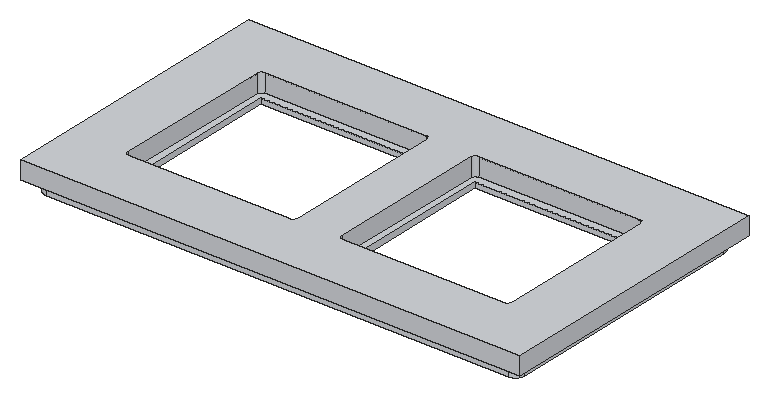
Revit family "Gira_0212221", category Electrical Fixtures, host Face, Revit 2017
Family settings
  Host = Face
  Maintain Annotation Orientation = No
  Round Connector Dimension = Use Diameter
  Part Type = Normal
  Cut with Voids When Loaded = No
  Shared = No
  Room Calculation Point = No
Parameters (values of type "Cov.fr. 2-g Gira Esprit Lin.pwd.lt.brown")
  With mounting grid = "No"
  With hinged lid = "No"
  URL = "http://katalog.gira.de/en/datenblatt.html?artikelnr=0212221"
  Type of fastening = "Clamp mounting"
  Transparent = "No"
  Surface protection = "Other"
  Suitable for wall duct = "No"
  Suitable for flush-mounted installation = "Yes"
  Suitable for floor box = "No"
  Suitable for built-in installation = "No"
  Number of units vertical = "2"
  Number of units horizontal = "2"
  Number of units = "2"
  Name = "Cov.fr. 2-g Gira Esprit Lin.pwd.lt.brown"
  Mounting direction = "Horizontal and vertical"
  Material quality = "Other"
  Material = "Other"
  Manufacturer URL = "https://www.gira.de/"
  Manufacturer = "Gira"
  Label space/information surface = "No"
  Keynote = ""
  HeinzeBIM = "https://bimportal.heinze.de/bim/cov-fr-2-g-gira-esprit-lin-pwd-lt-brown/79f60e3d2a48ab2cabde21d28d0f45736a8af3a3"
  Halogen free = "No"
  HAN = "0212221"
  GTIN = "4010337016014"
  Description = "Cov.fr.2g Espr. LPwLb,Gira Esprit cover frame,linoleum-plywood light brown,2-gang,Notes :,- Natural product. Colour deviations are possible.,- NCS value: approx. NCS S 6010-Y30R"
  Degree of protection (IP) = "IP20"
  Default Elevation = 1219.2 mm
  Data sheet (1) = "https://katalog.gira.de/en/download.html?artikelnr=0212221"
  Colour = "Other"
  Category = "Cover frame for domestic switching devices"
  BIM (1) = "https://media.stage.bim.site/public/gira/36a6b08/Espr._Rahmen_2fach.rfa"
  Available = "No"
Reference planes
  plane 1 "Center (Front/Back)": y = 0
  plane 2: z = 0
  plane 3 "Center (Left/Right)": x = 0
Forms (mm)
  Extrusion 1, solid, detail levels fine
    sketch origin (0, 0, 0) x (1, 0, 0) y (0, 1, 0)
      loop
        line (-83, 47.5) -> (-83, -47.5) -> (83, -47.5) -> (83, 47.5) -> (-83, 47.5)
      loop
        arc (-63.75, -26.7) -> (-63.311, -27.761) -> (-62.25, -28.2) r 1.5
        line (-62.25, -28.2) -> (-8.85, -28.2)
        arc (-8.85, -28.2) -> (-7.789, -27.761) -> (-7.35, -26.7) r 1.5
        line (-7.35, -26.7) -> (-7.35, 26.7)
        arc (-7.35, 26.7) -> (-7.789, 27.761) -> (-8.85, 28.2) r 1.5
        line (-8.85, 28.2) -> (-62.25, 28.2)
        arc (-62.25, 28.2) -> (-63.311, 27.761) -> (-63.75, 26.7) r 1.5
        line (-63.75, 26.7) -> (-63.75, -26.7)
      loop
        line (63.75, -26.7) -> (63.75, 26.7)
        arc (63.75, 26.7) -> (63.311, 27.761) -> (62.25, 28.2) r 1.5
        line (62.25, 28.2) -> (8.85, 28.2)
        arc (8.85, 28.2) -> (7.789, 27.761) -> (7.35, 26.7) r 1.5
        line (7.35, 26.7) -> (7.35, -26.7)
        arc (7.35, -26.7) -> (7.789, -27.761) -> (8.85, -28.2) r 1.5
        line (8.85, -28.2) -> (62.25, -28.2)
        arc (62.25, -28.2) -> (63.311, -27.761) -> (63.75, -26.7) r 1.5
    from 0 to 6
  Extrusion 2, solid, detail levels fine
    sketch origin (0, 0, 0) x (1, 0, 0) y (0, 1, 0)
      loop
        line (-61.45, -25.7) -> (-9.65, -25.7) -> (-9.65, 25.7) -> (-61.45, 25.7) -> (-61.45, -25.7)
      loop
        line (61.45, 25.7) -> (9.65, 25.7) -> (9.65, -25.7) -> (61.45, -25.7) -> (61.45, 25.7)
      loop
        arc (-78.454, -41.3) -> (-77.927, -42.573) -> (-76.654, -43.1) r 1.8
        line (-76.654, -43.1) -> (76.654, -43.1)
        arc (76.654, -43.1) -> (77.927, -42.573) -> (78.454, -41.3) r 1.8
        line (78.454, -41.3) -> (78.454, 41.3)
        arc (78.454, 41.3) -> (77.927, 42.573) -> (76.654, 43.1) r 1.8
        line (76.654, 43.1) -> (-76.654, 43.1)
        arc (-76.654, 43.1) -> (-77.927, 42.573) -> (-78.454, 41.3) r 1.8
        line (-78.454, 41.3) -> (-78.454, -41.3)
    from -1.9 to 0
  Extrusion 3, solid, detail levels fine
    sketch origin (0, 0, 0) x (1, 0, 0) y (0, 1, 0)
      loop
        arc (-76.75, 44.4) -> (-78.871, 43.521) -> (-79.75, 41.4) r 3
        line (-79.75, 41.4) -> (-79.75, -41.4)
        arc (-79.75, -41.4) -> (-78.871, -43.521) -> (-76.75, -44.4) r 3
        line (-76.75, -44.4) -> (76.75, -44.4)
        arc (76.75, -44.4) -> (78.871, -43.521) -> (79.75, -41.4) r 3
        line (79.75, -41.4) -> (79.75, 41.4)
        arc (79.75, 41.4) -> (78.871, 43.521) -> (76.75, 44.4) r 3
        line (76.75, 44.4) -> (-76.75, 44.4)
      loop
        arc (-78.55, -41.4) -> (-78.023, -42.673) -> (-76.75, -43.2) r 1.8
        line (-76.75, -43.2) -> (76.75, -43.2)
        arc (76.75, -43.2) -> (78.023, -42.673) -> (78.55, -41.4) r 1.8
        line (78.55, -41.4) -> (78.55, 41.4)
        arc (78.55, 41.4) -> (78.023, 42.673) -> (76.75, 43.2) r 1.8
        line (76.75, 43.2) -> (-76.75, 43.2)
        arc (-76.75, 43.2) -> (-78.023, 42.673) -> (-78.55, 41.4) r 1.8
        line (-78.55, 41.4) -> (-78.55, -41.4)
    from -3.7 to 0
  Extrusion 4, solid, detail levels medium
    sketch origin (0, 0, 0) x (1, 0, 0) y (0, 1, 0)
      loop
        line (-83, 47.5) -> (-83, -47.5) -> (83, -47.5) -> (83, 47.5) -> (-83, 47.5)
    from 0 to 6
  Extrusion 5, solid, detail levels medium
    sketch origin (0, 0, 0) x (1, 0, 0) y (0, 1, 0)
      loop
        line (-79.75, 44.4) -> (-79.75, -44.4) -> (79.75, -44.4) -> (79.75, 44.4) -> (-79.75, 44.4)
    from -3.7 to 0
  Extrusion 6, solid, detail levels coarse
    sketch origin (0, 0, 0) x (1, 0, 0) y (0, 1, 0)
      loop
        line (-83, 47.5) -> (-83, -47.5) -> (83, -47.5) -> (83, 47.5) -> (-83, 47.5)
    from -3.7 to 6
Dimensions and locks
  aligned and locked: plane 2 to host face
  aligned and locked: level to host face
